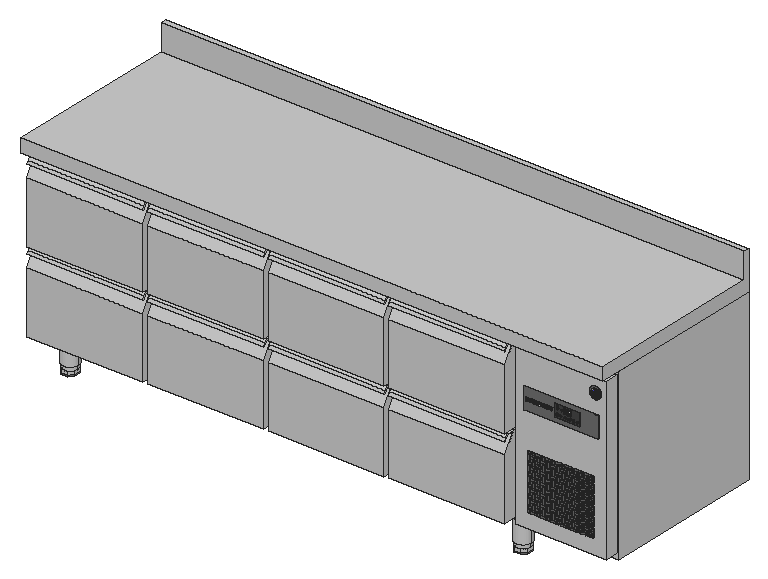
Revit family "QF_HOSHIZAKI_889040834", category Specialty Equipment, Revit 2016 (continued)
Definition of nested family "QF_HOSHIZAKI_889040834_230V_1Ph_50Hz"
  Definition of nested family "Control-panel"
    Forms (mm)
      Extrusion 1, solid
        sketch origin (-3653, 19.5, -135) x (-1, 0, 0) y (0, 0, 1)
          loop
            line (-3840.5, 317.986) -> (-3840.5, 299.986)
            arc (-3840.5, 299.986) -> (-3837, 296.486) -> (-3833.5, 299.986) r 3.5
            line (-3833.5, 299.986) -> (-3833.5, 317.986)
          loop
            arc (-3871.5, 317.986) -> (-3875, 321.486) -> (-3878.5, 317.986) r 3.5
            line (-3878.5, 317.986) -> (-3878.5, 299.986)
            arc (-3878.5, 299.986) -> (-3875, 296.486) -> (-3871.5, 299.986) r 3.5
            line (-3871.5, 299.986) -> (-3871.5, 317.986)
          loop
            arc (-3909.5, 317.986) -> (-3913, 321.486) -> (-3916.5, 317.986) r 3.5
            line (-3916.5, 317.986) -> (-3916.5, 299.986)
            arc (-3916.5, 299.986) -> (-3913, 296.486) -> (-3909.5, 299.986) r 3.5
            line (-3909.5, 299.986) -> (-3909.5, 317.986)
          loop
            arc (-3951, 330.986) -> (-3954, 327.986) -> (-3951, 324.986) r 3
            line (-3951, 324.986) -> (-3942, 324.986)
            arc (-3942, 324.986) -> (-3939, 327.986) -> (-3942, 330.986) r 3
            line (-3942, 330.986) -> (-3951, 330.986)
          loop
            arc (-3947.5, 317.986) -> (-3951, 321.486) -> (-3954.5, 317.986) r 3.5
            line (-3954.5, 317.986) -> (-3954.5, 299.986)
            arc (-3954.5, 299.986) -> (-3951, 296.486) -> (-3947.5, 299.986) r 3.5
            line (-3947.5, 299.986) -> (-3947.5, 317.986)
          loop
            arc (-3941, 312.486) -> (-3944.5, 308.986) -> (-3941, 305.486) r 3.5
            line (-3941, 305.486) -> (-3923, 305.486)
            arc (-3923, 305.486) -> (-3919.5, 308.986) -> (-3923, 312.486) r 3.5
            line (-3923, 312.486) -> (-3941, 312.486)
          loop
            arc (-3903, 312.486) -> (-3906.5, 308.986) -> (-3903, 305.486) r 3.5
            line (-3903, 305.486) -> (-3885, 305.486)
            arc (-3885, 305.486) -> (-3881.5, 308.986) -> (-3885, 312.486) r 3.5
            line (-3885, 312.486) -> (-3903, 312.486)
          loop
            arc (-3865, 312.486) -> (-3868.5, 308.986) -> (-3865, 305.486) r 3.5
            line (-3865, 305.486) -> (-3847, 305.486)
            arc (-3847, 305.486) -> (-3843.5, 308.986) -> (-3847, 312.486) r 3.5
            line (-3847, 312.486) -> (-3865, 312.486)
          loop
            arc (-3827, 312.486) -> (-3830.5, 308.986) -> (-3827, 305.486) r 3.5
            line (-3827, 305.486) -> (-3809, 305.486)
            arc (-3809, 305.486) -> (-3805.5, 308.986) -> (-3809, 312.486) r 3.5
            line (-3809, 312.486) -> (-3827, 312.486)
          loop
            arc (-3789, 312.486) -> (-3792.5, 308.986) -> (-3789, 305.486) r 3.5
            line (-3789, 305.486) -> (-3771, 305.486)
            arc (-3771, 305.486) -> (-3767.5, 308.986) -> (-3771, 312.486) r 3.5
            line (-3771, 312.486) -> (-3789, 312.486)
          loop
            arc (-3751, 312.486) -> (-3754.5, 308.986) -> (-3751, 305.486) r 3.5
            line (-3751, 305.486) -> (-3733, 305.486)
            arc (-3733, 305.486) -> (-3729.5, 308.986) -> (-3733, 312.486) r 3.5
            line (-3733, 312.486) -> (-3751, 312.486)
          loop
            arc (-3713, 312.486) -> (-3716.5, 308.986) -> (-3713, 305.486) r 3.5
            line (-3713, 305.486) -> (-3704, 305.486)
            arc (-3704, 305.486) -> (-3700.5, 308.986) -> (-3704, 312.486) r 3.5
            line (-3704, 312.486) -> (-3713, 312.486)
          loop
            line (-3938.025, 302.996) -> (-3945.025, 302.996) -> (-3945.025, 295.996) -> (-3938.025, 295.996) -> (-3938.025, 302.996)
          loop
            line (-3919.025, 302.996) -> (-3926.025, 302.996) -> (-3926.025, 295.996) -> (-3919.025, 295.996) -> (-3919.025, 302.996)
          loop
            line (-3900.025, 302.996) -> (-3907.025, 302.996) -> (-3907.025, 295.996) -> (-3900.025, 295.996) -> (-3900.025, 302.996)
          loop
            line (-3881.025, 302.996) -> (-3888.025, 302.996) -> (-3888.025, 295.996) -> (-3881.025, 295.996) -> (-3881.025, 302.996)
          loop
            line (-3862.025, 302.996) -> (-3869.025, 302.996) -> (-3869.025, 295.996) -> (-3862.025, 295.996) -> (-3862.025, 302.996)
          loop
            line (-3843.025, 302.996) -> (-3850.025, 302.996) -> (-3850.025, 295.996) -> (-3843.025, 295.996) -> (-3843.025, 302.996)
          loop
            line (-3824.025, 302.996) -> (-3831.025, 302.996) -> (-3831.025, 295.996) -> (-3824.025, 295.996) -> (-3824.025, 302.996)
          loop
            line (-3805.025, 302.996) -> (-3812.025, 302.996) -> (-3812.025, 295.996) -> (-3805.025, 295.996) -> (-3805.025, 302.996)
          loop
            line (-3786.025, 302.996) -> (-3793.025, 302.996) -> (-3793.025, 295.996) -> (-3786.025, 295.996) -> (-3786.025, 302.996)
          loop
            line (-3767.025, 302.996) -> (-3774.025, 302.996) -> (-3774.025, 295.996) -> (-3767.025, 295.996) -> (-3767.025, 302.996)
          loop
            line (-3748.025, 302.996) -> (-3755.025, 302.996) -> (-3755.025, 295.996) -> (-3748.025, 295.996) -> (-3748.025, 302.996)
          loop
            line (-3729.025, 302.996) -> (-3736.025, 302.996) -> (-3736.025, 295.996) -> (-3729.025, 295.996) -> (-3729.025, 302.996)
          loop
            line (-3710.025, 302.996) -> (-3717.025, 302.996) -> (-3717.025, 295.996) -> (-3710.025, 295.996) -> (-3710.025, 302.996)
          loop
            line (-3935.5, 298.986) -> (-3935.5, 280.986)
            arc (-3935.5, 280.986) -> (-3932, 277.486) -> (-3928.5, 280.986) r 3.5
            line (-3928.5, 280.986) -> (-3928.5, 298.986)
            arc (-3928.5, 298.986) -> (-3932, 302.486) -> (-3935.5, 298.986) r 3.5
          loop
            line (-3897.5, 298.986) -> (-3897.5, 280.986)
            arc (-3897.5, 280.986) -> (-3894, 277.486) -> (-3890.5, 280.986) r 3.5
            line (-3890.5, 280.986) -> (-3890.5, 298.986)
            arc (-3890.5, 298.986) -> (-3894, 302.486) -> (-3897.5, 298.986) r 3.5
          loop
            line (-3859.5, 298.986) -> (-3859.5, 280.986)
            arc (-3859.5, 280.986) -> (-3856, 277.486) -> (-3852.5, 280.986) r 3.5
            line (-3852.5, 280.986) -> (-3852.5, 298.986)
            arc (-3852.5, 298.986) -> (-3856, 302.486) -> (-3859.5, 298.986) r 3.5
          loop
            line (-3821.5, 298.986) -> (-3821.5, 280.986)
            arc (-3821.5, 280.986) -> (-3818, 277.486) -> (-3814.5, 280.986) r 3.5
            line (-3814.5, 280.986) -> (-3814.5, 298.986)
            arc (-3814.5, 298.986) -> (-3818, 302.486) -> (-3821.5, 298.986) r 3.5
          loop
            line (-3783.5, 298.986) -> (-3783.5, 280.986)
            arc (-3783.5, 280.986) -> (-3780, 277.486) -> (-3776.5, 280.986) r 3.5
            line (-3776.5, 280.986) -> (-3776.5, 298.986)
            arc (-3776.5, 298.986) -> (-3780, 302.486) -> (-3783.5, 298.986) r 3.5
          loop
            line (-3745.5, 298.986) -> (-3745.5, 280.986)
            arc (-3745.5, 280.986) -> (-3742, 277.486) -> (-3738.5, 280.986) r 3.5
            line (-3738.5, 280.986) -> (-3738.5, 298.986)
            arc (-3738.5, 298.986) -> (-3742, 302.486) -> (-3745.5, 298.986) r 3.5
          loop
            line (-3707.5, 298.986) -> (-3707.5, 280.986)
            arc (-3707.5, 280.986) -> (-3704, 277.486) -> (-3700.5, 280.986) r 3.5
            line (-3700.5, 280.986) -> (-3700.5, 298.986)
            arc (-3700.5, 298.986) -> (-3704, 302.486) -> (-3707.5, 298.986) r 3.5
          loop
            arc (-3922, 293.486) -> (-3925.5, 289.986) -> (-3922, 286.486) r 3.5
            line (-3922, 286.486) -> (-3904, 286.486)
            arc (-3904, 286.486) -> (-3900.5, 289.986) -> (-3904, 293.486) r 3.5
            line (-3904, 293.486) -> (-3922, 293.486)
          loop
            arc (-3884, 293.486) -> (-3887.5, 289.986) -> (-3884, 286.486) r 3.5
            line (-3884, 286.486) -> (-3866, 286.486)
            arc (-3866, 286.486) -> (-3862.5, 289.986) -> (-3866, 293.486) r 3.5
            line (-3866, 293.486) -> (-3884, 293.486)
          loop
            arc (-3846, 293.486) -> (-3849.5, 289.986) -> (-3846, 286.486) r 3.5
            line (-3846, 286.486) -> (-3828, 286.486)
            arc (-3828, 286.486) -> (-3824.5, 289.986) -> (-3828, 293.486) r 3.5
            line (-3828, 293.486) -> (-3846, 293.486)
          loop
            arc (-3808, 293.486) -> (-3811.5, 289.986) -> (-3808, 286.486) r 3.5
            line (-3808, 286.486) -> (-3790, 286.486)
            arc (-3790, 286.486) -> (-3786.5, 289.986) -> (-3790, 293.486) r 3.5
            line (-3790, 293.486) -> (-3808, 293.486)
          loop
            arc (-3770, 293.486) -> (-3773.5, 289.986) -> (-3770, 286.486) r 3.5
            line (-3770, 286.486) -> (-3752, 286.486)
            arc (-3752, 286.486) -> (-3748.5, 289.986) -> (-3752, 293.486) r 3.5
            line (-3752, 293.486) -> (-3770, 293.486)
          loop
            arc (-3732, 293.486) -> (-3735.5, 289.986) -> (-3732, 286.486) r 3.5
            line (-3732, 286.486) -> (-3714, 286.486)
            arc (-3714, 286.486) -> (-3710.5, 289.986) -> (-3714, 293.486) r 3.5
            line (-3714, 293.486) -> (-3732, 293.486)
          loop
            line (-3938.025, 276.976) -> (-3938.025, 283.976) -> (-3945.025, 283.976) -> (-3945.025, 276.976) -> (-3938.025, 276.976)
          loop
            line (-3919.025, 276.976) -> (-3919.025, 283.976) -> (-3926.025, 283.976) -> (-3926.025, 276.976) -> (-3919.025, 276.976)
          loop
            line (-3900.025, 276.976) -> (-3900.025, 283.976) -> (-3907.025, 283.976) -> (-3907.025, 276.976) -> (-3900.025, 276.976)
          loop
            line (-3881.025, 276.976) -> (-3881.025, 283.976) -> (-3888.025, 283.976) -> (-3888.025, 276.976) -> (-3881.025, 276.976)
          loop
            line (-3862.025, 276.976) -> (-3862.025, 283.976) -> (-3869.025, 283.976) -> (-3869.025, 276.976) -> (-3862.025, 276.976)
          loop
            line (-3843.025, 276.976) -> (-3843.025, 283.976) -> (-3850.025, 283.976) -> (-3850.025, 276.976) -> (-3843.025, 276.976)
          loop
            line (-3824.025, 276.976) -> (-3824.025, 283.976) -> (-3831.025, 283.976) -> (-3831.025, 276.976) -> (-3824.025, 276.976)
          loop
            line (-3805.025, 276.976) -> (-3805.025, 283.976) -> (-3812.025, 283.976) -> (-3812.025, 276.976) -> (-3805.025, 276.976)
          loop
            line (-3786.025, 276.976) -> (-3786.025, 283.976) -> (-3793.025, 283.976) -> (-3793.025, 276.976) -> (-3786.025, 276.976)
          loop
            line (-3767.025, 276.976) -> (-3767.025, 283.976) -> (-3774.025, 283.976) -> (-3774.025, 276.976) -> (-3767.025, 276.976)
          loop
            line (-3748.025, 276.976) -> (-3748.025, 283.976) -> (-3755.025, 283.976) -> (-3755.025, 276.976) -> (-3748.025, 276.976)
          loop
            line (-3729.025, 276.976) -> (-3729.025, 283.976) -> (-3736.025, 283.976) -> (-3736.025, 276.976) -> (-3729.025, 276.976)
          loop
            line (-3710.025, 276.976) -> (-3710.025, 283.976) -> (-3717.025, 283.976) -> (-3717.025, 276.976) -> (-3710.025, 276.976)
          loop
            arc (-3719.5, 279.986) -> (-3723, 283.486) -> (-3726.5, 279.986) r 3.5
            line (-3726.5, 279.986) -> (-3726.5, 261.986)
            arc (-3726.5, 261.986) -> (-3723, 258.486) -> (-3719.5, 261.986) r 3.5
            line (-3719.5, 261.986) -> (-3719.5, 279.986)
          loop
            arc (-3757.5, 279.986) -> (-3761, 283.486) -> (-3764.5, 279.986) r 3.5
            line (-3764.5, 279.986) -> (-3764.5, 261.986)
            arc (-3764.5, 261.986) -> (-3761, 258.486) -> (-3757.5, 261.986) r 3.5
            line (-3757.5, 261.986) -> (-3757.5, 279.986)
          loop
            arc (-3795.5, 279.986) -> (-3799, 283.486) -> (-3802.5, 279.986) r 3.5
            line (-3802.5, 279.986) -> (-3802.5, 261.986)
            arc (-3802.5, 261.986) -> (-3799, 258.486) -> (-3795.5, 261.986) r 3.5
            line (-3795.5, 261.986) -> (-3795.5, 279.986)
          loop
            arc (-3833.5, 279.986) -> (-3837, 283.486) -> (-3840.5, 279.986) r 3.5
            line (-3840.5, 279.986) -> (-3840.5, 261.986)
            arc (-3840.5, 261.986) -> (-3837, 258.486) -> (-3833.5, 261.986) r 3.5
            line (-3833.5, 261.986) -> (-3833.5, 279.986)
          loop
            arc (-3871.5, 279.986) -> (-3875, 283.486) -> (-3878.5, 279.986) r 3.5
            line (-3878.5, 279.986) -> (-3878.5, 261.986)
            arc (-3878.5, 261.986) -> (-3875, 258.486) -> (-3871.5, 261.986) r 3.5
            line (-3871.5, 261.986) -> (-3871.5, 279.986)
          loop
            arc (-3909.5, 279.986) -> (-3913, 283.486) -> (-3916.5, 279.986) r 3.5
            line (-3916.5, 279.986) -> (-3916.5, 261.986)
            arc (-3916.5, 261.986) -> (-3913, 258.486) -> (-3909.5, 261.986) r 3.5
            line (-3909.5, 261.986) -> (-3909.5, 279.986)
          loop
            arc (-3951, 292.986) -> (-3954, 289.986) -> (-3951, 286.986) r 3
            line (-3951, 286.986) -> (-3942, 286.986)
            arc (-3942, 286.986) -> (-3939, 289.986) -> (-3942, 292.986) r 3
            line (-3942, 292.986) -> (-3951, 292.986)
          loop
            arc (-3947.5, 279.986) -> (-3951, 283.486) -> (-3954.5, 279.986) r 3.5
            line (-3954.5, 279.986) -> (-3954.5, 261.986)
            arc (-3954.5, 261.986) -> (-3951, 258.486) -> (-3947.5, 261.986) r 3.5
            line (-3947.5, 261.986) -> (-3947.5, 279.986)
          loop
            arc (-3941, 274.486) -> (-3944.5, 270.986) -> (-3941, 267.486) r 3.5
            line (-3941, 267.486) -> (-3923, 267.486)
            arc (-3923, 267.486) -> (-3919.5, 270.986) -> (-3923, 274.486) r 3.5
            line (-3923, 274.486) -> (-3941, 274.486)
          loop
            arc (-3903, 274.486) -> (-3906.5, 270.986) -> (-3903, 267.486) r 3.5
            line (-3903, 267.486) -> (-3885, 267.486)
            arc (-3885, 267.486) -> (-3881.5, 270.986) -> (-3885, 274.486) r 3.5
            line (-3885, 274.486) -> (-3903, 274.486)
          loop
            arc (-3865, 274.486) -> (-3868.5, 270.986) -> (-3865, 267.486) r 3.5
            line (-3865, 267.486) -> (-3847, 267.486)
            arc (-3847, 267.486) -> (-3843.5, 270.986) -> (-3847, 274.486) r 3.5
            line (-3847, 274.486) -> (-3865, 274.486)
          loop
            arc (-3827, 274.486) -> (-3830.5, 270.986) -> (-3827, 267.486) r 3.5
            line (-3827, 267.486) -> (-3809, 267.486)
            arc (-3809, 267.486) -> (-3805.5, 270.986) -> (-3809, 274.486) r 3.5
            line (-3809, 274.486) -> (-3827, 274.486)
          loop
            arc (-3789, 274.486) -> (-3792.5, 270.986) -> (-3789, 267.486) r 3.5
            line (-3789, 267.486) -> (-3771, 267.486)
            arc (-3771, 267.486) -> (-3767.5, 270.986) -> (-3771, 274.486) r 3.5
            line (-3771, 274.486) -> (-3789, 274.486)
          loop
            arc (-3751, 274.486) -> (-3754.5, 270.986) -> (-3751, 267.486) r 3.5
            line (-3751, 267.486) -> (-3733, 267.486)
            arc (-3733, 267.486) -> (-3729.5, 270.986) -> (-3733, 274.486) r 3.5
            line (-3733, 274.486) -> (-3751, 274.486)
          loop
            arc (-3713, 274.486) -> (-3716.5, 270.986) -> (-3713, 267.486) r 3.5
            line (-3713, 267.486) -> (-3704, 267.486)
            arc (-3704, 267.486) -> (-3700.5, 270.986) -> (-3704, 274.486) r 3.5
            line (-3704, 274.486) -> (-3713, 274.486)
          loop
            line (-3938.025, 264.996) -> (-3945.025, 264.996) -> (-3945.025, 257.996) -> (-3938.025, 257.996) -> (-3938.025, 264.996)
          loop
            line (-3919.025, 264.996) -> (-3926.025, 264.996) -> (-3926.025, 257.996) -> (-3919.025, 257.996) -> (-3919.025, 264.996)
          loop
            line (-3900.025, 264.996) -> (-3907.025, 264.996) -> (-3907.025, 257.996) -> (-3900.025, 257.996) -> (-3900.025, 264.996)
          loop
            line (-3881.025, 264.996) -> (-3888.025, 264.996) -> (-3888.025, 257.996) -> (-3881.025, 257.996) -> (-3881.025, 264.996)
          loop
            line (-3862.025, 264.996) -> (-3869.025, 264.996) -> (-3869.025, 257.996) -> (-3862.025, 257.996) -> (-3862.025, 264.996)
          loop
            line (-3843.025, 264.996) -> (-3850.025, 264.996) -> (-3850.025, 257.996) -> (-3843.025, 257.996) -> (-3843.025, 264.996)
          loop
            line (-3824.025, 264.996) -> (-3831.025, 264.996) -> (-3831.025, 257.996) -> (-3824.025, 257.996) -> (-3824.025, 264.996)
          loop
            line (-3805.025, 264.996) -> (-3812.025, 264.996) -> (-3812.025, 257.996) -> (-3805.025, 257.996) -> (-3805.025, 264.996)
          loop
            line (-3786.025, 264.996) -> (-3793.025, 264.996) -> (-3793.025, 257.996) -> (-3786.025, 257.996) -> (-3786.025, 264.996)
          loop
            line (-3767.025, 264.996) -> (-3774.025, 264.996) -> (-3774.025, 257.996) -> (-3767.025, 257.996) -> (-3767.025, 264.996)
          loop
            line (-3748.025, 264.996) -> (-3755.025, 264.996) -> (-3755.025, 257.996) -> (-3748.025, 257.996) -> (-3748.025, 264.996)
          loop
            line (-3729.025, 264.996) -> (-3736.025, 264.996) -> (-3736.025, 257.996) -> (-3729.025, 257.996) -> (-3729.025, 264.996)
          loop
            line (-3710.025, 264.996) -> (-3717.025, 264.996) -> (-3717.025, 257.996) -> (-3710.025, 257.996) -> (-3710.025, 264.996)
          loop
            line (-3935.5, 260.986) -> (-3935.5, 242.986)
            arc (-3935.5, 242.986) -> (-3932, 239.486) -> (-3928.5, 242.986) r 3.5
            line (-3928.5, 242.986) -> (-3928.5, 260.986)
            arc (-3928.5, 260.986) -> (-3932, 264.486) -> (-3935.5, 260.986) r 3.5
          loop
            line (-3897.5, 260.986) -> (-3897.5, 242.986)
            arc (-3897.5, 242.986) -> (-3894, 239.486) -> (-3890.5, 242.986) r 3.5
            line (-3890.5, 242.986) -> (-3890.5, 260.986)
            arc (-3890.5, 260.986) -> (-3894, 264.486) -> (-3897.5, 260.986) r 3.5
          loop
            line (-3859.5, 260.986) -> (-3859.5, 242.986)
            arc (-3859.5, 242.986) -> (-3856, 239.486) -> (-3852.5, 242.986) r 3.5
            line (-3852.5, 242.986) -> (-3852.5, 260.986)
            arc (-3852.5, 260.986) -> (-3856, 264.486) -> (-3859.5, 260.986) r 3.5
          loop
            line (-3821.5, 260.986) -> (-3821.5, 242.986)
            arc (-3821.5, 242.986) -> (-3818, 239.486) -> (-3814.5, 242.986) r 3.5
            line (-3814.5, 242.986) -> (-3814.5, 260.986)
            arc (-3814.5, 260.986) -> (-3818, 264.486) -> (-3821.5, 260.986) r 3.5
          loop
            line (-3783.5, 260.986) -> (-3783.5, 242.986)
            arc (-3783.5, 242.986) -> (-3780, 239.486) -> (-3776.5, 242.986) r 3.5
            line (-3776.5, 242.986) -> (-3776.5, 260.986)
            arc (-3776.5, 260.986) -> (-3780, 264.486) -> (-3783.5, 260.986) r 3.5
          loop
            line (-3745.5, 260.986) -> (-3745.5, 242.986)
            arc (-3745.5, 242.986) -> (-3742, 239.486) -> (-3738.5, 242.986) r 3.5
            line (-3738.5, 242.986) -> (-3738.5, 260.986)
            arc (-3738.5, 260.986) -> (-3742, 264.486) -> (-3745.5, 260.986) r 3.5
          loop
            line (-3707.5, 260.986) -> (-3707.5, 242.986)
            arc (-3707.5, 242.986) -> (-3704, 239.486) -> (-3700.5, 242.986) r 3.5
            line (-3700.5, 242.986) -> (-3700.5, 260.986)
            arc (-3700.5, 260.986) -> (-3704, 264.486) -> (-3707.5, 260.986) r 3.5
          loop
            arc (-3922, 255.486) -> (-3925.5, 251.986) -> (-3922, 248.486) r 3.5
            line (-3922, 248.486) -> (-3904, 248.486)
            arc (-3904, 248.486) -> (-3900.5, 251.986) -> (-3904, 255.486) r 3.5
            line (-3904, 255.486) -> (-3922, 255.486)
          loop
            arc (-3884, 255.486) -> (-3887.5, 251.986) -> (-3884, 248.486) r 3.5
            line (-3884, 248.486) -> (-3866, 248.486)
            arc (-3866, 248.486) -> (-3862.5, 251.986) -> (-3866, 255.486) r 3.5
            line (-3866, 255.486) -> (-3884, 255.486)
          loop
            arc (-3846, 255.486) -> (-3849.5, 251.986) -> (-3846, 248.486) r 3.5
            line (-3846, 248.486) -> (-3828, 248.486)
            arc (-3828, 248.486) -> (-3824.5, 251.986) -> (-3828, 255.486) r 3.5
            line (-3828, 255.486) -> (-3846, 255.486)
          loop
            arc (-3808, 255.486) -> (-3811.5, 251.986) -> (-3808, 248.486) r 3.5
            line (-3808, 248.486) -> (-3790, 248.486)
            arc (-3790, 248.486) -> (-3786.5, 251.986) -> (-3790, 255.486) r 3.5
            line (-3790, 255.486) -> (-3808, 255.486)
          loop
            arc (-3770, 255.486) -> (-3773.5, 251.986) -> (-3770, 248.486) r 3.5
            line (-3770, 248.486) -> (-3752, 248.486)
            arc (-3752, 248.486) -> (-3748.5, 251.986) -> (-3752, 255.486) r 3.5
            line (-3752, 255.486) -> (-3770, 255.486)
          loop
            arc (-3732, 255.486) -> (-3735.5, 251.986) -> (-3732, 248.486) r 3.5
            line (-3732, 248.486) -> (-3714, 248.486)
            arc (-3714, 248.486) -> (-3710.5, 251.986) -> (-3714, 255.486) r 3.5
            line (-3714, 255.486) -> (-3732, 255.486)
          loop
            line (-3938.025, 238.976) -> (-3938.025, 245.976) -> (-3945.025, 245.976) -> (-3945.025, 238.976) -> (-3938.025, 238.976)
          loop
            line (-3919.025, 238.976) -> (-3919.025, 245.976) -> (-3926.025, 245.976) -> (-3926.025, 238.976) -> (-3919.025, 238.976)
          loop
            line (-3900.025, 238.976) -> (-3900.025, 245.976) -> (-3907.025, 245.976) -> (-3907.025, 238.976) -> (-3900.025, 238.976)
          loop
            line (-3881.025, 238.976) -> (-3881.025, 245.976) -> (-3888.025, 245.976) -> (-3888.025, 238.976) -> (-3881.025, 238.976)
          loop
            line (-3862.025, 238.976) -> (-3862.025, 245.976) -> (-3869.025, 245.976) -> (-3869.025, 238.976) -> (-3862.025, 238.976)
          loop
            line (-3843.025, 238.976) -> (-3843.025, 245.976) -> (-3850.025, 245.976) -> (-3850.025, 238.976) -> (-3843.025, 238.976)
          loop
            line (-3824.025, 238.976) -> (-3824.025, 245.976) -> (-3831.025, 245.976) -> (-3831.025, 238.976) -> (-3824.025, 238.976)
          loop
            line (-3805.025, 238.976) -> (-3805.025, 245.976) -> (-3812.025, 245.976) -> (-3812.025, 238.976) -> (-3805.025, 238.976)
          loop
            line (-3786.025, 238.976) -> (-3786.025, 245.976) -> (-3793.025, 245.976) -> (-3793.025, 238.976) -> (-3786.025, 238.976)
          loop
            line (-3767.025, 238.976) -> (-3767.025, 245.976) -> (-3774.025, 245.976) -> (-3774.025, 238.976) -> (-3767.025, 238.976)
          loop
            line (-3748.025, 238.976) -> (-3748.025, 245.976) -> (-3755.025, 245.976) -> (-3755.025, 238.976) -> (-3748.025, 238.976)
          loop
            line (-3729.025, 238.976) -> (-3729.025, 245.976) -> (-3736.025, 245.976) -> (-3736.025, 238.976) -> (-3729.025, 238.976)
          loop
            line (-3710.025, 238.976) -> (-3710.025, 245.976) -> (-3717.025, 245.976) -> (-3717.025, 238.976) -> (-3710.025, 238.976)
          loop
            arc (-3719.5, 241.986) -> (-3723, 245.486) -> (-3726.5, 241.986) r 3.5
            line (-3726.5, 241.986) -> (-3726.5, 223.986)
            arc (-3726.5, 223.986) -> (-3723, 220.486) -> (-3719.5, 223.986) r 3.5
            line (-3719.5, 223.986) -> (-3719.5, 241.986)
          loop
            arc (-3757.5, 241.986) -> (-3761, 245.486) -> (-3764.5, 241.986) r 3.5
            line (-3764.5, 241.986) -> (-3764.5, 223.986)
            arc (-3764.5, 223.986) -> (-3761, 220.486) -> (-3757.5, 223.986) r 3.5
            line (-3757.5, 223.986) -> (-3757.5, 241.986)
          loop
            arc (-3795.5, 241.986) -> (-3799, 245.486) -> (-3802.5, 241.986) r 3.5
            line (-3802.5, 241.986) -> (-3802.5, 223.986)
            arc (-3802.5, 223.986) -> (-3799, 220.486) -> (-3795.5, 223.986) r 3.5
            line (-3795.5, 223.986) -> (-3795.5, 241.986)
          loop
            arc (-3833.5, 241.986) -> (-3837, 245.486) -> (-3840.5, 241.986) r 3.5
            line (-3840.5, 241.986) -> (-3840.5, 223.986)
            arc (-3840.5, 223.986) -> (-3837, 220.486) -> (-3833.5, 223.986) r 3.5
            line (-3833.5, 223.986) -> (-3833.5, 241.986)
          loop
            arc (-3871.5, 241.986) -> (-3875, 245.486) -> (-3878.5, 241.986) r 3.5
            line (-3878.5, 241.986) -> (-3878.5, 223.986)
            arc (-3878.5, 223.986) -> (-3875, 220.486) -> (-3871.5, 223.986) r 3.5
            line (-3871.5, 223.986) -> (-3871.5, 241.986)
          loop
            arc (-3909.5, 241.986) -> (-3913, 245.486) -> (-3916.5, 241.986) r 3.5
            line (-3916.5, 241.986) -> (-3916.5, 223.986)
            arc (-3916.5, 223.986) -> (-3913, 220.486) -> (-3909.5, 223.986) r 3.5
            line (-3909.5, 223.986) -> (-3909.5, 241.986)
          loop
            arc (-3951, 254.986) -> (-3954, 251.986) -> (-3951, 248.986) r 3
            line (-3951, 248.986) -> (-3942, 248.986)
            arc (-3942, 248.986) -> (-3939, 251.986) -> (-3942, 254.986) r 3
            line (-3942, 254.986) -> (-3951, 254.986)
          loop
            arc (-3947.5, 241.986) -> (-3951, 245.486) -> (-3954.5, 241.986) r 3.5
            line (-3954.5, 241.986) -> (-3954.5, 223.986)
            arc (-3954.5, 223.986) -> (-3951, 220.486) -> (-3947.5, 223.986) r 3.5
            line (-3947.5, 223.986) -> (-3947.5, 241.986)
          loop
            arc (-3941, 236.486) -> (-3944.5, 232.986) -> (-3941, 229.486) r 3.5
            line (-3941, 229.486) -> (-3923, 229.486)
            arc (-3923, 229.486) -> (-3919.5, 232.986) -> (-3923, 236.486) r 3.5
            line (-3923, 236.486) -> (-3941, 236.486)
          loop
            arc (-3903, 236.486) -> (-3906.5, 232.986) -> (-3903, 229.486) r 3.5
            line (-3903, 229.486) -> (-3885, 229.486)
            arc (-3885, 229.486) -> (-3881.5, 232.986) -> (-3885, 236.486) r 3.5
            line (-3885, 236.486) -> (-3903, 236.486)
          loop
            arc (-3865, 236.486) -> (-3868.5, 232.986) -> (-3865, 229.486) r 3.5
            line (-3865, 229.486) -> (-3847, 229.486)
            arc (-3847, 229.486) -> (-3843.5, 232.986) -> (-3847, 236.486) r 3.5
            line (-3847, 236.486) -> (-3865, 236.486)
          loop
            arc (-3827, 236.486) -> (-3830.5, 232.986) -> (-3827, 229.486) r 3.5
            line (-3827, 229.486) -> (-3809, 229.486)
            arc (-3809, 229.486) -> (-3805.5, 232.986) -> (-3809, 236.486) r 3.5
            line (-3809, 236.486) -> (-3827, 236.486)
          loop
            arc (-3789, 236.486) -> (-3792.5, 232.986) -> (-3789, 229.486) r 3.5
            line (-3789, 229.486) -> (-3771, 229.486)
            arc (-3771, 229.486) -> (-3767.5, 232.986) -> (-3771, 236.486) r 3.5
            line (-3771, 236.486) -> (-3789, 236.486)
          loop
            arc (-3751, 236.486) -> (-3754.5, 232.986) -> (-3751, 229.486) r 3.5
            line (-3751, 229.486) -> (-3733, 229.486)
            arc (-3733, 229.486) -> (-3729.5, 232.986) -> (-3733, 236.486) r 3.5
            line (-3733, 236.486) -> (-3751, 236.486)
          loop
            arc (-3713, 236.486) -> (-3716.5, 232.986) -> (-3713, 229.486) r 3.5
            line (-3713, 229.486) -> (-3704, 229.486)
            arc (-3704, 229.486) -> (-3700.5, 232.986) -> (-3704, 236.486) r 3.5
            line (-3704, 236.486) -> (-3713, 236.486)
          loop
            line (-3938.025, 226.996) -> (-3945.025, 226.996) -> (-3945.025, 219.996) -> (-3938.025, 219.996) -> (-3938.025, 226.996)
          loop
            line (-3919.025, 226.996) -> (-3926.025, 226.996) -> (-3926.025, 219.996) -> (-3919.025, 219.996) -> (-3919.025, 226.996)
          loop
            line (-3900.025, 226.996) -> (-3907.025, 226.996) -> (-3907.025, 219.996) -> (-3900.025, 219.996) -> (-3900.025, 226.996)
          loop
            line (-3881.025, 226.996) -> (-3888.025, 226.996) -> (-3888.025, 219.996) -> (-3881.025, 219.996) -> (-3881.025, 226.996)
          loop
            line (-3862.025, 226.996) -> (-3869.025, 226.996) -> (-3869.025, 219.996) -> (-3862.025, 219.996) -> (-3862.025, 226.996)
          loop
            line (-3843.025, 226.996) -> (-3850.025, 226.996) -> (-3850.025, 219.996) -> (-3843.025, 219.996) -> (-3843.025, 226.996)
          loop
            line (-3824.025, 226.996) -> (-3831.025, 226.996) -> (-3831.025, 219.996) -> (-3824.025, 219.996) -> (-3824.025, 226.996)
          loop
            line (-3805.025, 226.996) -> (-3812.025, 226.996) -> (-3812.025, 219.996) -> (-3805.025, 219.996) -> (-3805.025, 226.996)
          loop
            line (-3786.025, 226.996) -> (-3793.025, 226.996) -> (-3793.025, 219.996) -> (-3786.025, 219.996) -> (-3786.025, 226.996)
          loop
            line (-3767.025, 226.996) -> (-3774.025, 226.996) -> (-3774.025, 219.996) -> (-3767.025, 219.996) -> (-3767.025, 226.996)
          loop
            line (-3748.025, 226.996) -> (-3755.025, 226.996) -> (-3755.025, 219.996) -> (-3748.025, 219.996) -> (-3748.025, 226.996)
          loop
            line (-3729.025, 226.996) -> (-3736.025, 226.996) -> (-3736.025, 219.996) -> (-3729.025, 219.996) -> (-3729.025, 226.996)
          loop
            line (-3710.025, 226.996) -> (-3717.025, 226.996) -> (-3717.025, 219.996) -> (-3710.025, 219.996) -> (-3710.025, 226.996)
          loop
            arc (-3922, 217.486) -> (-3925.5, 213.986) -> (-3922, 210.486) r 3.5
            line (-3922, 210.486) -> (-3904, 210.486)
            arc (-3904, 210.486) -> (-3900.5, 213.986) -> (-3904, 217.486) r 3.5
            line (-3904, 217.486) -> (-3922, 217.486)
          loop
            arc (-3884, 217.486) -> (-3887.5, 213.986) -> (-3884, 210.486) r 3.5
            line (-3884, 210.486) -> (-3866, 210.486)
            arc (-3866, 210.486) -> (-3862.5, 213.986) -> (-3866, 217.486) r 3.5
            line (-3866, 217.486) -> (-3884, 217.486)
          loop
            arc (-3846, 217.486) -> (-3849.5, 213.986) -> (-3846, 210.486) r 3.5
            line (-3846, 210.486) -> (-3828, 210.486)
            arc (-3828, 210.486) -> (-3824.5, 213.986) -> (-3828, 217.486) r 3.5
            line (-3828, 217.486) -> (-3846, 217.486)
          loop
            arc (-3808, 217.486) -> (-3811.5, 213.986) -> (-3808, 210.486) r 3.5
            line (-3808, 210.486) -> (-3790, 210.486)
            arc (-3790, 210.486) -> (-3786.5, 213.986) -> (-3790, 217.486) r 3.5
            line (-3790, 217.486) -> (-3808, 217.486)
          loop
            arc (-3770, 217.486) -> (-3773.5, 213.986) -> (-3770, 210.486) r 3.5
            line (-3770, 210.486) -> (-3752, 210.486)
            arc (-3752, 210.486) -> (-3748.5, 213.986) -> (-3752, 217.486) r 3.5
            line (-3752, 217.486) -> (-3770, 217.486)
          loop
            arc (-3732, 217.486) -> (-3735.5, 213.986) -> (-3732, 210.486) r 3.5
            line (-3732, 210.486) -> (-3714, 210.486)
            arc (-3714, 210.486) -> (-3710.5, 213.986) -> (-3714, 217.486) r 3.5
            line (-3714, 217.486) -> (-3732, 217.486)
          loop
            arc (-3951, 216.986) -> (-3954, 213.986) -> (-3951, 210.986) r 3
            line (-3951, 210.986) -> (-3942, 210.986)
            arc (-3942, 210.986) -> (-3939, 213.986) -> (-3942, 216.986) r 3
            line (-3942, 216.986) -> (-3951, 216.986)
          loop
            arc (-3701, 223.486) -> (-3704, 226.486) -> (-3707, 223.486) r 3
            line (-3707, 223.486) -> (-3707, 214.486)
            arc (-3707, 214.486) -> (-3704, 211.486) -> (-3701, 214.486) r 3
            line (-3701, 214.486) -> (-3701, 223.486)
          loop
            arc (-3739, 223.486) -> (-3742, 226.486) -> (-3745, 223.486) r 3
            line (-3745, 223.486) -> (-3745, 214.486)
            arc (-3745, 214.486) -> (-3742, 211.486) -> (-3739, 214.486) r 3
            line (-3739, 214.486) -> (-3739, 223.486)
          loop
            arc (-3777, 223.486) -> (-3780, 226.486) -> (-3783, 223.486) r 3
            line (-3783, 223.486) -> (-3783, 214.486)
            arc (-3783, 214.486) -> (-3780, 211.486) -> (-3777, 214.486) r 3
            line (-3777, 214.486) -> (-3777, 223.486)
          loop
            arc (-3815, 223.486) -> (-3818, 226.486) -> (-3821, 223.486) r 3
            line (-3821, 223.486) -> (-3821, 214.486)
            arc (-3821, 214.486) -> (-3818, 211.486) -> (-3815, 214.486) r 3
            line (-3815, 214.486) -> (-3815, 223.486)
          loop
            arc (-3853, 223.486) -> (-3856, 226.486) -> (-3859, 223.486) r 3
            line (-3859, 223.486) -> (-3859, 214.486)
            arc (-3859, 214.486) -> (-3856, 211.486) -> (-3853, 214.486) r 3
            line (-3853, 214.486) -> (-3853, 223.486)
          loop
            arc (-3891, 223.486) -> (-3894, 226.486) -> (-3897, 223.486) r 3
            line (-3897, 223.486) -> (-3897, 214.486)
            arc (-3897, 214.486) -> (-3894, 211.486) -> (-3891, 214.486) r 3
            line (-3891, 214.486) -> (-3891, 223.486)
          loop
            arc (-3929, 223.486) -> (-3932, 226.486) -> (-3935, 223.486) r 3
            line (-3935, 223.486) -> (-3935, 214.486)
            arc (-3935, 214.486) -> (-3932, 211.486) -> (-3929, 214.486) r 3
            line (-3929, 214.486) -> (-3929, 223.486)
        from 5.5 to 7.5
      Extrusion 2, solid
        sketch origin (-1812, 19.5, -302.5) x (-1, 0, 0) y (0, 0, 1)
          loop
            line (-2131, 808) -> (-2131, 731)
            arc (-2131, 731) -> (-2130.121, 728.879) -> (-2128, 728) r 3
            line (-2128, 728) -> (-1845, 728)
            arc (-1845, 728) -> (-1842.879, 728.879) -> (-1842, 731) r 3
            line (-1842, 731) -> (-1842, 808)
            arc (-1842, 808) -> (-1842.879, 810.121) -> (-1845, 811) r 3
            line (-1845, 811) -> (-2128, 811)
            arc (-2128, 811) -> (-2130.121, 810.121) -> (-2131, 808) r 3
        from 5.5 to 7.5
      Extrusion 3, solid
        sketch origin (-1721.829, 19.5, -302.5) x (-1, 0, 0) y (0, 0, 1)
          loop
            line (-1873, 793) -> (-1968.159, 793) -> (-1968.159, 746) -> (-1873, 746) -> (-1873, 793)
        from 5 to 7.5
      Extrusion 4, solid, visible <- "Show Logo"
        sketch origin (-1807, 19.5, -188.5) x (-1, 0, 0) y (0, 0, 1)
          loop
            circle (-2113.5, 769.5) r 13.99
        from 4.5 to 6
      Extrusion 5, solid, visible <- "Show Logo"
        sketch origin (-1807, 19.5, -188.5) x (-1, 0, 0) y (0, 0, 1)
          loop
            circle (-2113.5, 769.5) r 15
          loop
            line (-2126.5, 769.5) -> (-2120.846, 773.459) -> (-2118.907, 773.459) -> (-2118.036, 763.497) -> (-2119.632, 763.497) -> (-2117.808, 760.891) -> (-2122.091, 759.743)
            arc (-2122.091, 759.743) -> (-2112.99, 756.51) -> (-2104.171, 760.446) r 13
            line (-2104.171, 760.446) -> (-2111.913, 760.446) -> (-2113.024, 758.523) -> (-2117.6, 758.523) -> (-2113.951, 764.843) -> (-2112.168, 762.297) -> (-2110.969, 763.497) -> (-2112.161, 767.945) -> (-2112.983, 771.014) -> (-2114.045, 774.979) -> (-2115.629, 777.241) -> (-2111.344, 777.241) -> (-2110.01, 772.26) -> (-2108.361, 772.26) -> (-2107.029, 770.928) -> (-2104.038, 769.201) -> (-2103.03, 765.437) -> (-2100.604, 767.863)
            arc (-2100.604, 767.863) -> (-2112.68, 782.474) -> (-2126.5, 769.5) r 13
          loop
            arc (-2125.531, 764.467) -> (-2124.506, 762.602) -> (-2123.241, 760.891) r 15.828
            line (-2123.241, 760.891) -> (-2121.071, 768.926) -> (-2125.531, 764.467)
          loop
            line (-2109.801, 769.877) -> (-2109.801, 764.664) -> (-2108.483, 768.285) -> (-2106.744, 769.399) -> (-2109.801, 769.877)
          loop
            line (-2108.558, 762.979) -> (-2105.47, 762.035) -> (-2104.504, 761.224) -> (-2103.812, 761.916) -> (-2105.089, 763.908) -> (-2108.558, 762.979)
          loop
            line (-2110.775, 779.307) -> (-2108.457, 780.388) -> (-2110.775, 781.009) -> (-2110.775, 779.307)
          loop
            line (-2113.024, 781.662) -> (-2115.087, 781.11) -> (-2114.199, 779.205) -> (-2112.584, 779.638) -> (-2113.79, 780.335) -> (-2113.024, 781.662)
          loop
            line (-2113.762, 753.783) -> (-2114.844, 752.701) -> (-2116.385, 752.701) -> (-2115.329, 751.645) -> (-2115.642, 749.874) -> (-2113.762, 750.959) -> (-2111.881, 749.874) -> (-2112.194, 751.645) -> (-2111.138, 752.701) -> (-2112.679, 752.701) -> (-2113.762, 753.783)
          loop
            line (-2126.524, 760.7) -> (-2128.032, 760.965) -> (-2128.916, 762.228) -> (-2129.176, 760.757) -> (-2130.805, 759.997) -> (-2128.838, 759.08) -> (-2128.648, 756.917) -> (-2127.377, 758.188) -> (-2125.906, 757.929) -> (-2126.79, 759.191) -> (-2126.524, 760.7)
          loop
            line (-2120.989, 755.68) -> (-2122.45, 755.219) -> (-2123.816, 755.931) -> (-2123.367, 754.507) -> (-2124.462, 753.08) -> (-2122.293, 753.175) -> (-2121.127, 751.344) -> (-2120.586, 753.059) -> (-2119.162, 753.508) -> (-2120.529, 754.219) -> (-2120.989, 755.68)
          loop
            line (-2100.476, 760.7) -> (-2100.21, 759.191) -> (-2101.094, 757.929) -> (-2099.623, 758.188) -> (-2098.352, 756.917) -> (-2098.162, 759.08) -> (-2096.195, 759.997) -> (-2097.824, 760.757) -> (-2098.084, 762.228) -> (-2098.968, 760.965) -> (-2100.476, 760.7)
          loop
            line (-2106.011, 755.68) -> (-2106.471, 754.219) -> (-2107.838, 753.508) -> (-2106.414, 753.059) -> (-2105.873, 751.344) -> (-2104.707, 753.175) -> (-2102.538, 753.08) -> (-2103.633, 754.507) -> (-2103.184, 755.931) -> (-2104.55, 755.219) -> (-2106.011, 755.68)
        from 4 to 6
      Extrusion 6, solid, visible <- "Show Logo"
        sketch origin (-1807, 19.5, -188.5) x (-1, 0, 0) y (0, 0, 1)
          loop
            line (-2110.775, 781.009) -> (-2112.201, 782.435)
            arc (-2112.201, 782.435) -> (-2113.187, 782.496) -> (-2114.172, 782.435) r 8.046
            arc (-2114.172, 782.435) -> (-2116.517, 781.025) -> (-2117.04, 778.339) r 3.366
            line (-2117.04, 778.339) -> (-2118.907, 773.459) -> (-2117.808, 760.891) -> (-2119.436, 758.565) -> (-2117.576, 758.565) -> (-2113.951, 764.843) -> (-2112.168, 762.297) -> (-2110.969, 763.497) -> (-2114.045, 774.979) -> (-2115.629, 777.241) -> (-2111.299, 777.241) -> (-2110.775, 779.307) -> (-2110.775, 781.009)
          loop
            line (-2116.531, 758.523) -> (-2117.14, 757.468) -> (-2111.822, 757.468) -> (-2112.761, 758.407) -> (-2109.605, 758.407) -> (-2110.682, 759.485) -> (-2112.469, 759.485) -> (-2113.024, 758.523) -> (-2116.531, 758.523)
          loop
            line (-2113.024, 781.662) -> (-2115.087, 781.11) -> (-2114.199, 779.205) -> (-2112.584, 779.638) -> (-2113.79, 780.335) -> (-2113.024, 781.662)
        from 4 to 6
      Extrusion 7, solid, visible <- "Show Logo"
        sketch origin (-1807, 19.5, -188.5) x (-1, 0, 0) y (0, 0, 1)
          loop
            circle (-2113.5, 769.5) r 22.5
        from 5 to 7.5
      Extrusion 8, solid
        sketch origin (-1721.829, 19.5, -302.5) x (-1, 0, 0) y (0, 0, 1)
          loop
            line (-1897.356, 754.233) -> (-1901.676, 760.18) -> (-1902.485, 759.592) -> (-1897.356, 752.532) -> (-1892.226, 759.592) -> (-1893.035, 760.18) -> (-1897.356, 754.233)
          loop
            line (-1895.298, 779.667) -> (-1903.298, 779.667) -> (-1899.298, 774.161) -> (-1895.298, 779.667)
          loop
            arc (-1884, 780.828) -> (-1883, 775) -> (-1882, 780.828) r 3
            line (-1882, 780.828) -> (-1882, 789)
            arc (-1882, 789) -> (-1883, 790) -> (-1884, 789) r 1
            line (-1884, 789) -> (-1884, 780.828)
          loop
            line (-1936.977, 758.753) -> (-1936.977, 757.753) -> (-1935.558, 757.753) -> (-1935.558, 753.753) -> (-1934.558, 753.753) -> (-1934.558, 757.753) -> (-1933.139, 757.753) -> (-1933.139, 758.753) -> (-1936.977, 758.753)
          loop
            line (-1932.115, 758.753) -> (-1932.115, 757.753) -> (-1929.56, 757.753) -> (-1929.56, 756.753) -> (-1932.115, 756.753) -> (-1932.115, 755.753) -> (-1929.56, 755.753) -> (-1929.56, 754.846) -> (-1932.115, 754.846) -> (-1932.115, 753.959) -> (-1928.597, 753.959) -> (-1928.597, 758.753) -> (-1932.115, 758.753)
          loop
            arc (-1924.65, 754.079) -> (-1924.044, 754.636) -> (-1923.817, 755.427) r 1.523
            line (-1923.817, 755.427) -> (-1924.894, 755.427)
            arc (-1924.894, 755.427) -> (-1925.223, 754.677) -> (-1926.036, 754.57) r 0.834
            arc (-1926.036, 754.57) -> (-1926.426, 755.149) -> (-1926.036, 755.728) r 0.624
            line (-1926.036, 755.728) -> (-1924.4, 756.389)
            arc (-1924.4, 756.389) -> (-1923.819, 757.429) -> (-1924.4, 758.468) r 1.22
            arc (-1924.4, 758.468) -> (-1925.609, 758.837) -> (-1926.845, 758.566) r 2.5
            arc (-1926.845, 758.566) -> (-1927.43, 758.007) -> (-1927.61, 757.218) r 1.408
            line (-1927.61, 757.218) -> (-1926.501, 757.218)
            arc (-1926.501, 757.218) -> (-1926.119, 757.761) -> (-1925.46, 757.843) r 0.819
            arc (-1925.46, 757.843) -> (-1925.082, 757.298) -> (-1925.527, 756.805) r 0.534
            arc (-1925.527, 756.805) -> (-1926.174, 756.645) -> (-1926.79, 756.389) r 4.401
            arc (-1926.79, 756.389) -> (-1927.499, 755.234) -> (-1926.79, 754.079) r 1.296
            arc (-1926.79, 754.079) -> (-1925.72, 753.823) -> (-1924.65, 754.079) r 2.364
          loop
            line (-1958.87, 752.532) -> (-1958.87, 755.934)
            arc (-1958.87, 755.934) -> (-1958.222, 756.503) -> (-1957.723, 757.207) r 3.697
            arc (-1957.723, 757.207) -> (-1957.553, 757.851) -> (-1957.699, 758.502) r 1.401
            arc (-1957.699, 758.502) -> (-1958.144, 759.265) -> (-1958.709, 759.944) r 5.307
            arc (-1958.709, 759.944) -> (-1959.239, 760.424) -> (-1959.82, 760.841) r 6.284
            arc (-1959.82, 760.841) -> (-1960.356, 760.997) -> (-1960.892, 760.841) r 1
            arc (-1960.892, 760.841) -> (-1961.473, 760.424) -> (-1962.003, 759.944) r 6.284
            arc (-1962.003, 759.944) -> (-1962.568, 759.265) -> (-1963.013, 758.502) r 5.307
            arc (-1963.013, 758.502) -> (-1963.159, 757.851) -> (-1962.988, 757.207) r 1.401
            arc (-1962.988, 757.207) -> (-1962.49, 756.503) -> (-1961.842, 755.934) r 3.697
            line (-1961.842, 755.934) -> (-1961.842, 752.532) -> (-1958.87, 752.532)
          loop
            line (-1882.858, 757.309) -> (-1881.853, 757.309) -> (-1881.853, 762) -> (-1882.858, 762) -> (-1882.858, 757.309)
          loop
            line (-1881.418, 759.222) -> (-1881.418, 760.609)
            arc (-1881.418, 760.609) -> (-1882.356, 752) -> (-1883.294, 760.609) r 4.356
            line (-1883.294, 760.609) -> (-1883.294, 759.222)
            arc (-1883.294, 759.222) -> (-1882.356, 753.34) -> (-1881.418, 759.222) r 3.016
          loop
            line (-1942.482, 755.817) -> (-1943.482, 755.817) -> (-1943.482, 752.817) -> (-1942.482, 752.817) -> (-1942.482, 755.817)
          loop
            line (-1944.856, 754.447) -> (-1945.856, 754.447) -> (-1945.856, 751.447) -> (-1944.856, 751.447) -> (-1944.856, 754.447)
          loop
            line (-1948.23, 755.817) -> (-1948.23, 752.817) -> (-1947.23, 752.817) -> (-1947.23, 755.817) -> (-1948.23, 755.817)
          loop
            line (-1945.356, 755.607) -> (-1942.858, 757.356) -> (-1943.431, 758.175) -> (-1945.356, 756.827) -> (-1947.28, 758.175) -> (-1947.854, 757.356) -> (-1945.356, 755.607)
          loop
            line (-1945.356, 758.296) -> (-1943.128, 760.523) -> (-1943.835, 761.23) -> (-1945.356, 759.71) -> (-1946.876, 761.23) -> (-1947.583, 760.523) -> (-1945.356, 758.296)
          loop
            line (-1912.356, 758.479) -> (-1908.035, 752.532) -> (-1907.226, 753.12) -> (-1912.356, 760.18) -> (-1917.485, 753.12) -> (-1916.676, 752.532) -> (-1912.356, 758.479)
          loop
            line (-1919.965, 768) -> (-1908.298, 768) -> (-1908.298, 779.667) -> (-1916.632, 779.667) -> (-1916.632, 784.667) -> (-1908.298, 784.667) -> (-1908.298, 788) -> (-1919.965, 788) -> (-1919.965, 776.333) -> (-1911.632, 776.333) -> (-1911.632, 771.333) -> (-1919.965, 771.333) -> (-1919.965, 768)
          loop
            line (-1934.965, 768) -> (-1923.298, 768) -> (-1923.298, 779.667) -> (-1931.632, 779.667) -> (-1931.632, 784.667) -> (-1923.298, 784.667) -> (-1923.298, 788) -> (-1934.965, 788) -> (-1934.965, 776.333) -> (-1926.632, 776.333) -> (-1926.632, 771.333) -> (-1934.965, 771.333) -> (-1934.965, 768)
        from 5 to 7.5
      Extrusion 9, solid, visible <- "Show Logo"
        sketch origin (5.605, 25.5, -94.508) x (-1, 0, 0) y (0, 0, 1)
          loop
            line (-34.966, 567.015) -> (-40.766, 567.015) -> (-40.766, 565.73) -> (-38.944, 564.902) -> (-38.944, 562.682) -> (-43.554, 562.682) -> (-43.554, 564.902) -> (-41.731, 565.73) -> (-41.731, 567.015) -> (-47.532, 567.015) -> (-47.532, 565.73) -> (-46.098, 564.902) -> (-46.098, 558.114) -> (-47.532, 557.286) -> (-47.532, 556) -> (-41.731, 556) -> (-41.731, 557.286) -> (-43.554, 558.114) -> (-43.554, 560.673) -> (-38.944, 560.673) -> (-38.944, 558.114) -> (-40.766, 557.286) -> (-40.766, 556) -> (-34.966, 556) -> (-34.966, 557.286) -> (-36.4, 558.114) -> (-36.4, 564.902) -> (-34.966, 565.73) -> (-34.966, 567.015)
          loop
            spline (-53.399, 556.042) -> (-51.878, 556.229) -> (-50.461, 556.777) -> (-49.244, 557.649) -> (-48.31, 558.785) -> (-47.723, 560.108) -> (-47.523, 561.528) -> (-47.723, 562.949) -> (-48.31, 564.272) -> (-49.244, 565.408) -> (-50.461, 566.28) -> (-51.878, 566.828) -> (-53.399, 567.015)
            spline (-53.399, 567.015) -> (-54.92, 566.828) -> (-56.337, 566.28) -> (-57.554, 565.408) -> (-58.488, 564.272) -> (-59.075, 562.949) -> (-59.276, 561.528) -> (-59.075, 560.108) -> (-58.488, 558.785) -> (-57.554, 557.649) -> (-56.337, 556.777) -> (-54.92, 556.229) -> (-53.399, 556.042)
          loop
            spline (-53.299, 557.388) -> (-52.547, 557.529) -> (-51.847, 557.943) -> (-51.245, 558.601) -> (-50.784, 559.458) -> (-50.493, 560.457) -> (-50.394, 561.528) -> (-50.493, 562.6) -> (-50.784, 563.598) -> (-51.245, 564.456) -> (-51.847, 565.114) -> (-52.547, 565.527) -> (-53.299, 565.668)
            spline (-53.299, 565.668) -> (-54.051, 565.527) -> (-54.752, 565.114) -> (-55.353, 564.456) -> (-55.815, 563.598) -> (-56.105, 562.6) -> (-56.204, 561.528) -> (-56.105, 560.457) -> (-55.815, 559.458) -> (-55.353, 558.601) -> (-54.752, 557.943) -> (-54.051, 557.529) -> (-53.299, 557.388)
          loop
            line (-69.829, 567.094) -> (-69.829, 563.369) -> (-68.139, 563.369) -> (-66.541, 565.495)
            arc (-66.541, 565.495) -> (-65.019, 565.695) -> (-63.498, 565.495) r 5.879
            arc (-63.498, 565.495) -> (-62.682, 564.432) -> (-63.498, 563.369) r 1.1
            line (-63.498, 563.369) -> (-69.29, 561.817)
            arc (-69.29, 561.817) -> (-70.234, 559.317) -> (-69.29, 556.817) r 3.783
            arc (-69.29, 556.817) -> (-65.84, 555.742) -> (-62.391, 556.817) r 6.071
            line (-62.391, 556.817) -> (-61.743, 556.17) -> (-59.855, 556.17) -> (-59.855, 559.779) -> (-61.862, 559.779) -> (-63.839, 557.802)
            arc (-63.839, 557.802) -> (-65.344, 557.537) -> (-66.85, 557.802) r 4.401
            arc (-66.85, 557.802) -> (-67.476, 558.697) -> (-66.85, 559.592) r 0.953
            line (-66.85, 559.592) -> (-61.612, 561.499)
            arc (-61.612, 561.499) -> (-59.989, 563.999) -> (-61.612, 566.499) r 2.737
            arc (-61.612, 566.499) -> (-64.578, 567.129) -> (-67.544, 566.499) r 7.289
            line (-67.544, 566.499) -> (-68.139, 567.094) -> (-69.829, 567.094)
          loop
            line (-71.301, 567.015) -> (-77.102, 567.015) -> (-77.102, 565.73) -> (-75.279, 564.902) -> (-75.279, 562.682) -> (-79.89, 562.682) -> (-79.89, 564.902) -> (-78.067, 565.73) -> (-78.067, 567.015) -> (-83.867, 567.015) -> (-83.867, 565.73) -> (-82.433, 564.902) -> (-82.433, 558.114) -> (-83.867, 557.286) -> (-83.867, 556) -> (-78.067, 556) -> (-78.067, 557.286) -> (-79.89, 558.114) -> (-79.89, 560.673) -> (-75.279, 560.673) -> (-75.279, 558.114) -> (-77.102, 557.286) -> (-77.102, 556) -> (-71.301, 556) -> (-71.301, 557.286) -> (-72.736, 558.114) -> (-72.736, 564.902) -> (-71.301, 565.73) -> (-71.301, 567.015)
          loop
            line (-90.776, 567.015) -> (-90.776, 565.73) -> (-89.342, 564.902) -> (-89.342, 558.114) -> (-90.776, 557.286) -> (-90.776, 556) -> (-84.989, 556) -> (-84.989, 557.286) -> (-86.423, 558.114) -> (-86.423, 564.902) -> (-84.989, 565.73) -> (-84.989, 567.015) -> (-90.776, 567.015)
          loop
            line (-92.073, 567.015) -> (-101.842, 567.015) -> (-101.842, 565.297) -> (-95.543, 557.791) -> (-98.873, 557.791) -> (-100.144, 558.681) -> (-100.144, 560.456) -> (-101.842, 560.456) -> (-101.842, 556) -> (-92.073, 556) -> (-92.073, 557.791) -> (-97.907, 564.744) -> (-97.907, 565.637) -> (-94.625, 565.637) -> (-93.746, 564.758) -> (-93.746, 562.341) -> (-92.073, 562.341) -> (-92.073, 567.015)
          loop
            line (-102.808, 556) -> (-102.808, 557.427) -> (-103.934, 557.427) -> (-107.808, 567.015) -> (-109.97, 567.015) -> (-113.886, 557.791) -> (-114.741, 557.791) -> (-114.741, 556) -> (-109.113, 556) -> (-109.113, 557.427) -> (-110.221, 557.427) -> (-111.13, 558.335) -> (-110.247, 559.596) -> (-106.153, 559.596) -> (-105.593, 558.058) -> (-106.224, 557.427) -> (-107.808, 557.427) -> (-107.808, 556) -> (-102.808, 556)
          loop
            line (-115.159, 567.015) -> (-120.444, 567.015) -> (-120.444, 565.595) -> (-119.405, 565.595) -> (-119.405, 561.351) -> (-123.648, 565.595) -> (-122.274, 565.595) -> (-122.274, 567.015) -> (-127.274, 567.015) -> (-127.274, 565.595) -> (-125.79, 565.595) -> (-123.002, 562.806) -> (-127.274, 557.791) -> (-128.486, 557.791) -> (-128.486, 556) -> (-122.274, 556) -> (-122.274, 557.791) -> (-123.993, 557.791) -> (-120.99, 560.794) -> (-119.405, 559.209) -> (-119.405, 557.791) -> (-120.444, 557.791) -> (-120.444, 556) -> (-115.444, 556) -> (-115.444, 557.791) -> (-116.869, 557.791) -> (-116.869, 565.595) -> (-115.159, 565.595) -> (-115.159, 567.015)
          loop
            line (-135, 567.015) -> (-135, 565.73) -> (-133.566, 564.902) -> (-133.566, 558.114) -> (-135, 557.286) -> (-135, 556) -> (-129.213, 556) -> (-129.213, 557.286) -> (-130.648, 558.114) -> (-130.648, 564.902) -> (-129.213, 565.73) -> (-129.213, 567.015) -> (-135, 567.015)
          loop
            line (-108.15, 564.538) -> (-109.61, 561.096) -> (-106.759, 561.096) -> (-108.15, 564.538)
        from 1 to -1
    Dimensions and locks
      plane 4 to plane 2 = 650 mm
      plane 4 to level = 650 mm
      aligned and locked: level to plane 2
Definition of nested family "QF_HOSHIZAKI_ADVANCE_REF-COUNTER-WORKTOPS"
  Parameters (values of type "760660203")
    Worktop without backsplash = yes
    Worktop with backsplash = no
    Worktop thickness [instance] = 50 mm
    Without worktop = no
    Weight [instance] = 0.00 kg
    URL Cutsheet [instance] = ""
    URL = "www.hoshizaki-europe.com"
    Status [instance] = ""
    Specification by User [instance] = ""
    Specification by Manufacturer [instance] = ""
    Serial Number [instance] = ""
    Seismic Rating [instance] = ""
    SMACNA No [instance] = ""
    Revision Code [instance] = ""
    NAFEM Spec ID Number [instance] = ""
    Model = "760660203"
    Masterspec [instance] = ""
    Manufacturer = "HOSHIZAKI"
    Length Actual [instance] = 2246 mm
    Item Number [instance] = ""
    Installed By [instance] = ""
    Identify Quantity as Lot [instance] = no
    Height Actual [instance] = 50 mm
    Furnished By [instance] = ""
    Foodservice Equipment Identifier [instance] = no
    Description = "FLAT WORKTOP FOR ACR 225 (AISI 430)"
    Depth Actual [instance] = 700 mm
    Cost = 0
    CSI MasterFormat [instance] = ""
    Backsplash thickness [instance] = 20 mm
    Backsplash height [instance] = 100 mm
    Assembly Code = "E1090320"
    Accessory [instance] = yes
  Reference planes
    plane 1 "Back": y = 0
    plane 2: z = 0
    plane 3 "Left": x = 0
    plane 4 "Right": x = 2246
    plane 5 "Front": y = -700
    plane 6 "Top": z = 50
    plane 7 "Backsplash thickness": y = -20
    plane 8 "Upright height": z = 150
    plane 9 "Center Left Right": x = 1123
  Forms (mm)
    Extrusion 1, solid, visible <- "Worktop with backsplash"
      sketch origin (0, 0, 0) x (0, 1, 0) y (0, 0, 1)
        loop
          line (0, 150) -> (-20, 150) -> (-20, 50) -> (-700, 50) -> (-700, 0) -> (0, 0) -> (0, 150)
      from 0 to 2246
    Extrusion 2, solid, visible <- "Worktop without backsplash"
      sketch origin (0, 0, 0) x (0, 1, 0) y (0, 0, 1)
        loop
          line (0, 0) -> (0, 50) -> (-700, 50) -> (-700, 0) -> (0, 0)
      from 0 to 2246
  Lines and regions (mm)
    Masking region 1, visible <- "Worktop with backsplash"
      outline origin (0, 0, 50) x (0, 1, 0) y (-1, 0, 0)
        loop
          line (0, 0) -> (-700, 0) -> (-700, -2246) -> (0, -2246) -> (0, 0)
    Masking region 2, visible <- "Worktop without backsplash"
      outline origin (0, 0, 50) x (0, 1, 0) y (-1, 0, 0)
        loop
          line (0, 0) -> (-700, 0) -> (-700, -2246) -> (0, -2246) -> (0, 0)
    symbolic lines, visible <- "Worktop with backsplash"
      curve 1: line (0, 0, 0) -> (2246, 0, 0)
      curve 2: line (2246, 0, 0) -> (2246, -700, 0)
      curve 3: line (2246, -700, 0) -> (0, -700, 0)
      curve 4: line (0, -700, 0) -> (0, 0, 0)
      curve 5: line (0, -20, 0) -> (2246, -20, 0)
    symbolic lines, visible <- "Worktop without backsplash"
      curve 6: line (0, 0, 0) -> (2246, 0, 0)
      curve 7: line (2246, 0, 0) -> (2246, -700, 0)
      curve 8: line (2246, -700, 0) -> (0, -700, 0)
      curve 9: line (0, -700, 0) -> (0, 0, 0)
    symbolic lines, visible <- "Without worktop"
      curve 10: line (0, 0, 0) -> (2246, 0, 0)
      curve 11: line (2246, 0, 0) -> (2246, -700, 0)
      curve 12: line (2246, -700, 0) -> (0, -700, 0)
      curve 13: line (0, -700, 0) -> (0, 0, 0)
    reference lines
      curve 14: line (1123, 0, 150) -> (1123, -20, 150)
      curve 15: line (0, -700, 50) -> (2246, -700, 50)
      curve 16: line (2246, -700, 50) -> (2246, 0, 50)
      curve 17: line (0, -700, 50) -> (0, 0, 50)
      curve 18: line (0, 0, 50) -> (2246, 0, 50)
      curve 19: line (1123, 0, 50) -> (1123, -700, 50)
  Dimensions and locks
    "Length Actual": plane 3 "Left" to plane 4 "Right"
    "Depth Actual": plane 5 "Front" to plane 1 "Back"
    "Backsplash thickness": plane 7 "Backsplash thickness" to plane 1 "Back"
    "Backsplash height": plane 8 "Upright height" to plane 6 "Top"
    "Backsplash height": curve 14 to plane 6 "Top"
    "Depth Actual": curve 15 to plane 1 "Back"
    "Length Actual": plane 3 "Left" to curve 16
    "Length Actual": curve 17 to plane 4 "Right"
    "Depth Actual": curve 18 to plane 5 "Front"
    equal spacing: plane 3 "Left", plane 9 "Center Left Right", plane 4 "Right"
    "Worktop thickness": plane 6 "Top" to plane 2
    "Worktop thickness": curve 19 to plane 2
    aligned and locked: level to plane 2
    aligned and locked: Extrusion 1 to plane 4 "Right"
    aligned and locked: Extrusion 1 sketch curve to plane 7 "Backsplash thickness"
    aligned and locked: curve 5 to plane 7 "Backsplash thickness"
    aligned and locked: plane 8 "Upright height" to Extrusion 1 sketch curve
    aligned and locked: plane 6 "Top" to Extrusion 1 sketch curve
    aligned and locked: plane 6 "Top" to Extrusion 2 sketch curve
    aligned and locked: Extrusion 2 sketch curve to plane 1 "Back"
    aligned and locked: Extrusion 2 sketch curve to plane 5 "Front"
    aligned and locked: Extrusion 2 to plane 4 "Right"
    aligned and locked: Masking region 1 sketch curve to Extrusion 1  (x4)
    aligned and locked: Masking region 2 sketch curve to Extrusion 1  (x4)
    aligned and locked: Extrusion 2 sketch curve to plane 2
    aligned and locked: Extrusion 1 sketch curve to plane 2
  Automatic sketch dimensions
    plane 1 "Back" to curve 1 = 0 mm
    curve 13 to plane 3 "Left" = 0 mm
    curve 7 to plane 4 "Right" = 0 mm
    curve 13 to plane 5 "Front" = 0 mm
    Extrusion 1 sketch curve to plane 1 "Back" = 0 mm
    plane 5 "Front" to Extrusion 1 sketch curve = 0 mm
    curve 19 to plane 1 "Back" = 0 mm
    curve 14 to plane 1 "Back" = 0 mm
    curve 14 to plane 7 "Backsplash thickness" = 0 mm
    curve 19 to plane 5 "Front" = 0 mm
Definition of nested family "QF_HOSHIZAKI_ADVANCE_REF-COUNTER-DOORS-DRAWERS"
  Parameters (values of type "760660213")
    Weight [instance] = 0.00 kg
    URL Cutsheet [instance] = ""
    URL = "www.hoshizaki-europe.com"
    Status [instance] = ""
    Specification by User [instance] = ""
    Specification by Manufacturer [instance] = ""
    Serial Number [instance] = ""
    Seismic Rating [instance] = ""
    Section size [instance] = 446 mm
    Section [instance] = 5
    SMACNA No [instance] = ""
    Right hand hinged glass door [instance] = Section = 7  # no
    Right hand hinged door [instance] = Section = 2  # no
    Revision Code [instance] = ""
    NAFEM Spec ID Number [instance] = ""
    Model = "760660212"
    Masterspec [instance] = ""
    Manufacturer = "HOSHIZAKI"
    Length Actual [instance] = 0 mm
    Left hand hinged glass door [instance] = Section = 6  # no
    Left hand hinged door [instance] = or(Section > 7, Section < 2)  # no
    Item Number [instance] = ""
    Installed By [instance] = ""
    Identify Quantity as Lot [instance] = no
    Height Actual [instance] = 0 mm
    Furnished By [instance] = ""
    Foodservice Equipment Identifier [instance] = no
    Description = "DRAWER SECTION WITH 2 X 1/2 DRAWERS FOR ADVANCE COUNTER"
    Depth Actual [instance] = 0 mm
    Cost = 0
    CSI MasterFormat [instance] = ""
    Assembly Code = "E1090320"
    Accessory [instance] = yes
    3 Drawers [instance] = Section = 5  # yes
    2 Drawers 1-3 and 2-3 [instance] = Section = 4  # no
    2 Drawers [instance] = Section = 3  # no
  Types (2, lengths in mm): name | Section | 3 Drawers | 2 Drawers
    760660213 | 5 | yes | no
    760660212 | 3 | no | yes
  Reference planes
    plane 1 "Back": y = 0
    plane 2: z = 0
    plane 3 "Left": x = 0
    plane 4 "Right": x = 446
    plane 5 "Front": y = 0
    plane 6 "Top": z = 700
    plane 7 "Front door": y = 80
  Dimensions and locks
    "Section size": plane 3 "Left" to plane 4 "Right"
    plane 6 "Top" to level = 700 mm
    locked: plane 7 "Front door" to plane 5 "Front" at 80
    aligned and locked: level to plane 2
    aligned and locked: plane 1 "Back" to nested 1
    aligned and locked: plane 3 "Left" to nested 1
    aligned and locked: plane 1 "Back" to nested 2
    aligned and locked: plane 3 "Left" to nested 2
    aligned and locked: plane 1 "Back" to nested 3
